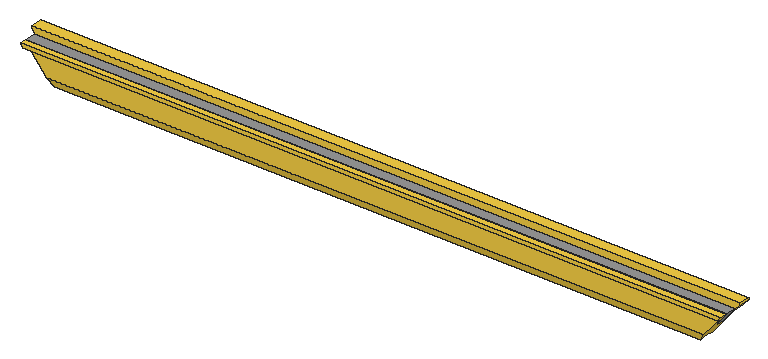
Revit family "CC4_EDGE BEAM 2.32_1870464", category Generic Models, Revit 2018
Family settings
  Can host rebar = No
  Round Connector Dimension = Use Diameter
  Part Type = Normal
  OmniClass Number = 35.51.14.00
  OmniClass Title = FORMWORK
  Work Plane-Based = Yes
  Always vertical = No
  Cut with Voids When Loaded = No
  Shared = Yes
  Room Calculation Point = No
Parameters
  VERSION = "20190101"  # constant formula
  URL = "www.ulmaconstruction.com/en"
  UNICLASS = ""
  ITEM_CODE = "1870464"
  Manufacturer = "ULMA CONSTRUCTION"  # constant formula
  FILTER [instance] = ""
  Default Elevation = 0.000 mm
  CLASSIFICATION_TITLE = ""
  CLASSIFICATION_NUMBER = ""
Reference planes
  plane 1 "Centro (Frontal/Posterior)": y = 0
  plane 2: z = 0
  plane 3 "Centro (Izquierda/Derecha)": x = 0
  plane 4 "ITEM_LENGTH": x = -2320
Forms (mm)
  Extrusion 1, solid, material "ULMA YELLOW", detail levels fine
    sketch origin (0, 0, 0) x (0, 1, 0) y (0, 0, 1)
      loop
        line (0, 0) -> (-35, 0) -> (-35, -20) -> (-30.5, -20) -> (-30.5, -71) -> (-71.5, -71) -> (-71.5, -20) -> (-94.5, -20) -> (-94.5, -31.2) -> (-74.5, -31.2) -> (-74.5, -102.8) -> (-66.639, -125) -> (-56.703, -125) -> (-59.287, -105.365)
        arc (-59.287, -105.365) -> (-57.058, -102.254) -> (-53.807, -104.275) r 2.8
        line (-53.807, -104.275) -> (-51.36, -113.407) -> (-30.939, -118.878) -> (-27.5, -116.73) -> (-27.5, -31.2) -> (-7.5, -31.2) -> (-7.5, -20) -> (0, -20) -> (0, 0)
    from -2285 to -35
  Extrusion 2, solid, material "ULMA POLYPROPYLENE BLACK", detail levels medium+fine
    sketch origin (0, 0, 0) x (0, 1, 0) y (0, 0, 1)
      loop
        line (-71.5, -20) -> (-71.5, -71) -> (-30.5, -71) -> (-30.5, -20) -> (-71.5, -20)
    from -2285 to -35
  Extrusion 3, void
    sketch origin (0, 0, 0) x (1, 0, 0) y (0, 0, 1)
      loop
        line (-2285, -7) -> (-2290, -7) -> (-2290, -130) -> (-2185.986, -130) -> (-2185.986, -125) -> (-2285, -7)
    from 0 to 100
  Extrusion 4, void
    sketch origin (0, 0, 0) x (1, 0, 0) y (0, 0, 1)
      loop
        line (-134.014, -125) -> (-134.014, -127) -> (-33, -127) -> (-33, -7) -> (-35, -7) -> (-134.014, -125)
    from 0 to 100
  Extrusion 5, solid, material "ULMA YELLOW", detail levels medium
    sketch origin (0, 0, 0) x (0, 1, 0) y (0, 0, 1)
      loop
        line (-35, 0) -> (-35, -20) -> (-30.5, -20) -> (-30.5, -71) -> (-71.5, -71) -> (-71.5, -20) -> (-94.5, -20) -> (-94.5, -31.2) -> (-74.5, -31.2) -> (-74.5, -125) -> (-27.5, -125) -> (-27.5, -31.2) -> (0, -31.2) -> (0, 0) -> (-35, 0)
    from -2285 to -35
Cuts and joins
  Extrusion 3, Extrusion 4 cuts Extrusion 1
  Extrusion 3, Extrusion 4 cuts Extrusion 2
  Extrusion 3, Extrusion 4 cuts Extrusion 5
Lines and regions (mm)
  model lines, style "ULMA EDGE BEAM", detail levels coarse
    curve 1: line (-2230, -80, 0) -> (-90, -80, 0)
    curve 2: line (-2230, 80, 0) -> (-2230, -80, 0)
    curve 3: line (-90, 80, 0) -> (-2230, 80, 0)
    curve 4: line (-90, -80, 0) -> (-90, 80, 0)
Dimensions and locks
  locked: plane 3 "Centro (Izquierda/Derecha)" to plane 4 "ITEM_LENGTH" at 2320
  aligned and locked: level to plane 2
